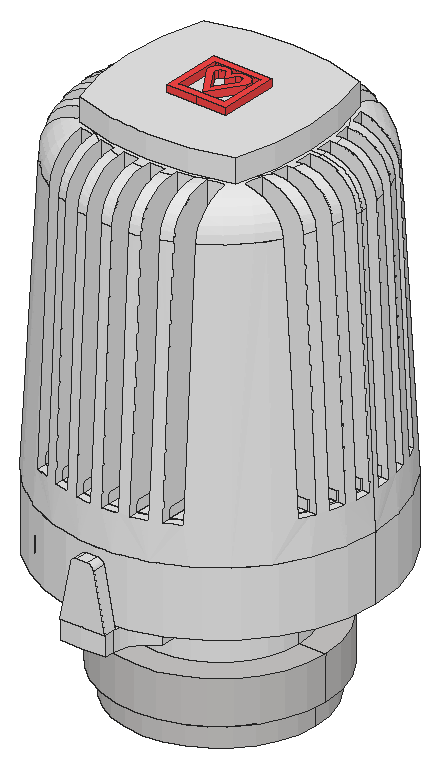
Revit family "HERZ-Classic-Thermostatic Sensor M28x1.5 7230", category Rohrzubehör, Revit 2019
Family settings
  Bemaßung runder Anschluss = Durchmesser verwenden
  Teiletyp = Normal
  OmniClass-Nummer = 23.65.55.14
  OmniClass-Titel = Valves for Liquid Services
  Arbeitsebenenbasiert = Nein
  Immer vertikal = Nein
  Beim Laden mit Abzugskörper schneiden = Nein
  Gemeinsam genutzt = Nein
Parameters
  Part number = 1723006  # constant formula
  Operation = "The HERZ-thermostat serves as probe and control element.\r\nThe valve spindle is moved when the volume of the liquid fillng of the HERZ-hydrosensor changes."
  Model = "Radiator Thermostat With Hydrosensor (liquid filled)\r\nWith \"0\" position, adjustable frost protection, limitation and locking of set value range.\r\nWhite hand wheel."
  Frost protection = "6°C"  # constant formula
  W02 = 120.00°  # constant formula
  W01 = 135.00°  # constant formula
  URL = "www.herzvalves.com"
  Set value range = "0 - 28°C"  # constant formula
  S02 = 60.000 mm  # constant formula
  S01 = H02 + H07  # 76.000 mm
  R07 = 6.000 mm  # constant formula
  R06 = 24.000 mm  # constant formula
  R05 = 16.350 mm  # constant formula
  R04 = 14.750 mm  # constant formula
  R03 = 13.200 mm  # constant formula
  R02 = 12.200 mm  # constant formula
  R01 = 22.400 mm  # constant formula
  Hersteller = "HERZ Armaturen Ges.m.b.H."  # constant formula
  Hand wheel = "plastic, white"  # constant formula
  H09 = 3.500 mm  # constant formula
  H08 = 10.000 mm  # constant formula
  H07 = 59.000 mm  # constant formula
  H06 = 3.000 mm  # constant formula
  H05 = 10.500 mm  # constant formula
  H03 = 5.500 mm  # constant formula
  H02 = 17.000 mm  # constant formula
  H01 = 34.000 mm  # constant formula
  Application = "Can be combined with any HERZ-valve suitable for thermostatic operation."
Reference planes
  plane 1 "Mitte (Vorne/hinten)": y = 0
  plane 2: z = 0
  plane 3 "Mitte (Links/rechts)": x = 0
Forms (mm)
  Revolve 1, solid, material "Kunststoff weiß", detail levels fine
    sketch origin (0, 0, 0) x (1, 0, 0) y (0, 0, 1)
      loop
        line (0, 0) -> (13.2, 0) -> (13.2, 4.5) -> (12.2, 5.5) -> (12.2, 17) -> (22.4, 17) -> (22.4, 34) -> (0, 34) -> (0, 0)
      axis (0, 34) -> (0, 0)
    angle from 0 to 360
  Revolve 2, solid, material "Messing verzinkt", detail levels fine
    sketch origin (0, 0, 0) x (1, 0, 0) y (0, 0, 1)
      loop
        line (0, 5.5) -> (13.2, 5.5) -> (13.2, -3.063) -> (14.75, -3.063) -> (14.75, -0.063) -> (16.35, 0.861) -> (16.35, 7.437) -> (0, 7.437) -> (0, 5.5)
      axis (0, 7.437) -> (0, -3.063)
    angle from 0 to 360
  Revolve 3, solid, material "Kunststoff weiß", detail levels fine
    sketch origin (0, 0, 0) x (1, 0, 0) y (0, 0, 1)
      loop
        line (0, 17) -> (24, 17) -> (24, 27) -> (21.791, 70.306)
        arc (21.791, 70.306) -> (19.931, 74.349) -> (15.798, 76) r 6
        line (15.798, 76) -> (0, 76) -> (0, 17)
      axis (0, 76) -> (0, 17)
    angle from 0 to 360
  Extrusion 4, void
    sketch origin (0, 0, 0) x (1, 0, 0) y (0, 1, 0)
      loop
        line (24.458, 0.8) -> (24.458, 3.2) -> (14.361, 3.2)
        arc (14.361, 3.2) -> (14.446, 2.001) -> (14.491, 0.8) r 37
        line (14.491, 0.8) -> (24.458, 0.8)
      loop
        line (24.458, 4.8) -> (24.458, 7.2) -> (13.793, 7.2)
        arc (13.793, 7.2) -> (14.01, 6.003) -> (14.187, 4.8) r 37
        line (14.187, 4.8) -> (24.458, 4.8)
      loop
        line (24.458, 8.8) -> (24.458, 11.2) -> (12.764, 11.2)
        arc (12.764, 11.2) -> (13.121, 10.006) -> (13.438, 8.8) r 37
        line (13.438, 8.8) -> (24.458, 8.8)
      loop
        line (24.458, -0.8) -> (14.491, -0.8)
        arc (14.491, -0.8) -> (14.446, -2.001) -> (14.361, -3.2) r 37
        line (14.361, -3.2) -> (24.458, -3.2) -> (24.458, -0.8)
      loop
        line (24.458, -4.8) -> (14.187, -4.8)
        arc (14.187, -4.8) -> (14.01, -6.003) -> (13.793, -7.2) r 37
        line (13.793, -7.2) -> (24.458, -7.2) -> (24.458, -4.8)
      loop
        line (24.458, -8.8) -> (13.438, -8.8)
        arc (13.438, -8.8) -> (13.121, -10.006) -> (12.764, -11.2) r 37
        line (12.764, -11.2) -> (24.458, -11.2) -> (24.458, -8.8)
      loop
        line (-24.458, 0.8) -> (-14.491, 0.8)
        arc (-14.491, 0.8) -> (-14.446, 2.001) -> (-14.361, 3.2) r 37
        line (-14.361, 3.2) -> (-24.458, 3.2) -> (-24.458, 0.8)
      loop
        line (-24.458, 4.8) -> (-14.187, 4.8)
        arc (-14.187, 4.8) -> (-14.01, 6.003) -> (-13.793, 7.2) r 37
        line (-13.793, 7.2) -> (-24.458, 7.2) -> (-24.458, 4.8)
      loop
        line (-24.458, 8.8) -> (-13.438, 8.8)
        arc (-13.438, 8.8) -> (-13.121, 10.006) -> (-12.764, 11.2) r 37
        line (-12.764, 11.2) -> (-24.458, 11.2) -> (-24.458, 8.8)
      loop
        line (-24.458, -0.8) -> (-24.458, -3.2) -> (-14.361, -3.2)
        arc (-14.361, -3.2) -> (-14.446, -2.001) -> (-14.491, -0.8) r 37
        line (-14.491, -0.8) -> (-24.458, -0.8)
      loop
        line (-24.458, -4.8) -> (-24.458, -7.2) -> (-13.793, -7.2)
        arc (-13.793, -7.2) -> (-14.01, -6.003) -> (-14.187, -4.8) r 37
        line (-14.187, -4.8) -> (-24.458, -4.8)
      loop
        line (-24.458, -8.8) -> (-24.458, -11.2) -> (-12.764, -11.2)
        arc (-12.764, -11.2) -> (-13.121, -10.006) -> (-13.438, -8.8) r 37
        line (-13.438, -8.8) -> (-24.458, -8.8)
      loop
        line (0.8, 24.458) -> (0.8, 14.491)
        arc (0.8, 14.491) -> (2.001, 14.446) -> (3.2, 14.361) r 37
        line (3.2, 14.361) -> (3.2, 24.458) -> (0.8, 24.458)
      loop
        line (4.8, 24.458) -> (4.8, 14.187)
        arc (4.8, 14.187) -> (6.003, 14.01) -> (7.2, 13.793) r 37
        line (7.2, 13.793) -> (7.2, 24.458) -> (4.8, 24.458)
      loop
        line (8.8, 24.458) -> (8.8, 13.438)
        arc (8.8, 13.438) -> (10.006, 13.121) -> (11.2, 12.764) r 37
        line (11.2, 12.764) -> (11.2, 24.458) -> (8.8, 24.458)
      loop
        line (-0.8, 24.458) -> (-3.2, 24.458) -> (-3.2, 14.361)
        arc (-3.2, 14.361) -> (-2.001, 14.446) -> (-0.8, 14.491) r 37
        line (-0.8, 14.491) -> (-0.8, 24.458)
      loop
        line (-4.8, 24.458) -> (-7.2, 24.458) -> (-7.2, 13.793)
        arc (-7.2, 13.793) -> (-6.003, 14.01) -> (-4.8, 14.187) r 37
        line (-4.8, 14.187) -> (-4.8, 24.458)
      loop
        line (-8.8, 24.458) -> (-11.2, 24.458) -> (-11.2, 12.764)
        arc (-11.2, 12.764) -> (-10.006, 13.121) -> (-8.8, 13.438) r 37
        line (-8.8, 13.438) -> (-8.8, 24.458)
      loop
        line (0.8, -24.458) -> (3.2, -24.458) -> (3.2, -14.361)
        arc (3.2, -14.361) -> (2.001, -14.446) -> (0.8, -14.491) r 37
        line (0.8, -14.491) -> (0.8, -24.458)
      loop
        line (4.8, -24.458) -> (7.2, -24.458) -> (7.2, -13.793)
        arc (7.2, -13.793) -> (6.003, -14.01) -> (4.8, -14.187) r 37
        line (4.8, -14.187) -> (4.8, -24.458)
      loop
        line (8.8, -24.458) -> (11.2, -24.458) -> (11.2, -12.764)
        arc (11.2, -12.764) -> (10.006, -13.121) -> (8.8, -13.438) r 37
        line (8.8, -13.438) -> (8.8, -24.458)
      loop
        line (-0.8, -24.458) -> (-0.8, -14.491)
        arc (-0.8, -14.491) -> (-2.001, -14.446) -> (-3.2, -14.361) r 37
        line (-3.2, -14.361) -> (-3.2, -24.458) -> (-0.8, -24.458)
      loop
        line (-4.8, -24.458) -> (-4.8, -14.187)
        arc (-4.8, -14.187) -> (-6.003, -14.01) -> (-7.2, -13.793) r 37
        line (-7.2, -13.793) -> (-7.2, -24.458) -> (-4.8, -24.458)
      loop
        line (-8.8, -24.458) -> (-8.8, -13.438)
        arc (-8.8, -13.438) -> (-10.006, -13.121) -> (-11.2, -12.764) r 37
        line (-11.2, -12.764) -> (-11.2, -24.458) -> (-8.8, -24.458)
    from 32.5 to 78
  Extrusion 5, solid, material "Kunststoff weiß", detail levels fine
    sketch origin (0, 0, 0) x (1, 0, 0) y (0, 1, 0)
      loop
        arc (12, 12) -> (0, 14) -> (-12, 12) r 37
        arc (-12, 12) -> (-14, 0) -> (-12, -12) r 37
        arc (-12, -12) -> (0, -14) -> (12, -12) r 37
        arc (12, -12) -> (14, 0) -> (12, 12) r 37
    from 76 to 79.5
  Extrusion 6, solid, material "Kunststoff weiß", detail levels fine
    sketch origin (0.017, -0.017, 0) x (0, -1, 0) y (1, 0, 0)
      loop
        line (14.714, 6.983) -> (14.714, -7.017) -> (19.645, -7.017)
        arc (19.645, -7.017) -> (21.761, -4.508) -> (24.882, -3.488) r 6
        line (24.882, -3.488) -> (26.272, -3.488)
        arc (26.272, -3.488) -> (26.5, 0) -> (26.267, 3.488) r 26.5
        line (26.267, 3.488) -> (24.882, 3.488)
        arc (24.882, 3.488) -> (21.777, 4.497) -> (19.66, 6.983) r 6
        line (19.66, 6.983) -> (14.714, 6.983)
    from 14 to 17
  Extrusion 7, solid, material "Kunststoff weiß", detail levels fine
    sketch origin (0.017, -0.017, 0) x (1, 0, 0) y (0, 0, 1)
      loop
        arc (-0.8, 26.1) -> (-1.432, 25.875) -> (-1.779, 25.302) r 1
        line (-1.779, 25.302) -> (-3.488, 17) -> (3.488, 17) -> (1.779, 25.302)
        arc (1.779, 25.302) -> (1.432, 25.875) -> (0.8, 26.1) r 1
        line (0.8, 26.1) -> (-0.8, 26.1)
    from 26.5 to 24.5
Cuts and joins
  Extrusion 4 cuts Revolve 1
  Extrusion 4 cuts Revolve 3
Lines and regions (mm)
  model lines, detail levels coarse+medium
    curve 1: line (0, 0, 0) -> (0, 0, 16)
    curve 2: line (0, 0, 0) -> (0, 16, 0)
    curve 3: circle (0, 0, 46) r 30 normal (0, -1, 0)
    curve 4: circle (0, 0, 46) r 30 normal (1, 0, 0)
    curve 5: line (0, 0, 26) -> (0, 0, 66)
    curve 6: line (0, 17.5, 66) -> (0, -17.5, 66)
    curve 7: line (0, 0, 26) -> (0, 0, 66)
    curve 8: line (-17.5, 0, 66) -> (17.5, 0, 66)
    curve 9: circle (0, 46, 0) r 30 normal (0, 0, 1)
    curve 10: line (0, 26, 0) -> (0, 66, 0)
    curve 11: line (-17.5, 66, 0) -> (17.5, 66, 0)
Dimensions and locks
  "H01": Revolve 1 sketch curve to Revolve 1 sketch curve
  "H02": Revolve 1 sketch curve to Revolve 1 sketch curve
  "H03": Revolve 1 sketch curve to Revolve 1 sketch curve
  "R01": Revolve 1 sketch curve to Revolve 1 sketch curve
  "R02": Revolve 1 sketch curve to Revolve 1 sketch curve
  "R03": Revolve 1 sketch curve to Revolve 1 sketch curve
  "H05": Revolve 2 sketch curve to Revolve 2 sketch curve
  "H06": Revolve 2 sketch curve to Revolve 2 sketch curve
  "H03": Revolve 2 sketch curve to plane 2
  "R04": Revolve 2 sketch curve to plane 3 "Mitte (Links/rechts)"
  "R03": plane 3 "Mitte (Links/rechts)" to Revolve 2 sketch curve
  "R05": Revolve 2 sketch curve to plane 3 "Mitte (Links/rechts)"
  "H08": Revolve 3 sketch curve to Revolve 3 sketch curve
  "R06": Revolve 3 sketch curve to Revolve 3 sketch curve
  "H02": Revolve 3 sketch curve to plane 2
  "H07": Revolve 3 sketch curve to Revolve 3 sketch curve
  "S01": curve 4 to plane 2
  "S01": curve 3 to plane 2
  "S01": plane 1 "Mitte (Vorne/hinten)" to curve 9
  "R07": radius of Revolve 3 sketch curve
  "S02": diameter of curve 3
  "S02": diameter of curve 4
  "S02": diameter of curve 9
  "W01": angle Revolve 1 sketch curve to Revolve 1 sketch curve
  "W02": angle Revolve 2 sketch curve to Revolve 2 sketch curve
  aligned and locked: level to plane 2
Automatic sketch dimensions
  plane 1 "Mitte (Vorne/hinten)" to Extrusion 5 sketch curve = 0.000 mm  (x2)
  Extrusion 5 sketch curve to plane 3 "Mitte (Links/rechts)" = 0.000 mm  (x2)
  Extrusion 5 sketch curve to plane 3 "Mitte (Links/rechts)" = 23.000 mm
  plane 3 "Mitte (Links/rechts)" to Extrusion 5 sketch curve = 23.000 mm
  plane 1 "Mitte (Vorne/hinten)" to Extrusion 5 sketch curve = 23.000 mm
  Extrusion 5 sketch curve to plane 1 "Mitte (Vorne/hinten)" = 23.000 mm
  Extrusion 5 sketch curve to plane 3 "Mitte (Links/rechts)" = 12.000 mm  (x2)
  plane 3 "Mitte (Links/rechts)" to Extrusion 5 sketch curve = 12.000 mm
  plane 1 "Mitte (Vorne/hinten)" to Extrusion 5 sketch curve = 12.000 mm
  Extrusion 4 sketch curve to Extrusion 4 sketch curve = 0.000 mm  (x58)
  plane 1 "Mitte (Vorne/hinten)" to Extrusion 4 sketch curve = 0.000 mm  (x2)
  Extrusion 4 sketch curve to plane 3 "Mitte (Links/rechts)" = 0.000 mm  (x2)
  Extrusion 4 sketch curve to plane 3 "Mitte (Links/rechts)" = 0.800 mm  (x2)
  Extrusion 4 sketch curve to Extrusion 4 sketch curve = 2.400 mm  (x12)
  Extrusion 4 sketch curve to Extrusion 4 sketch curve = 1.600 mm  (x16)
  Extrusion 4 sketch curve to Extrusion 4 sketch curve = 1.564 mm  (x8)
  Extrusion 4 sketch curve to Extrusion 4 sketch curve = 0.674 mm  (x5)
  Extrusion 4 sketch curve to Extrusion 4 sketch curve = 0.354 mm  (x8)
  Extrusion 4 sketch curve to Extrusion 4 sketch curve = 0.395 mm  (x4)
  Extrusion 4 sketch curve to Extrusion 4 sketch curve = 0.174 mm  (x8)
  plane 1 "Mitte (Vorne/hinten)" to Extrusion 4 sketch curve = 0.800 mm  (x2)
  Extrusion 4 sketch curve to Extrusion 4 sketch curve = 0.130 mm  (x2)
  Extrusion 4 sketch curve to plane 1 "Mitte (Vorne/hinten)" = 0.800 mm  (x2)
  Extrusion 4 sketch curve to Extrusion 4 sketch curve = 8.009 mm  (x3)
  Extrusion 4 sketch curve to Extrusion 4 sketch curve = 1.958 mm  (x7)
  plane 3 "Mitte (Links/rechts)" to Extrusion 4 sketch curve = 0.800 mm  (x2)
  Extrusion 4 sketch curve to Extrusion 4 sketch curve = 11.019 mm
  Extrusion 6 sketch curve to plane 3 "Mitte (Links/rechts)" = 0.000 mm
  plane 1 "Mitte (Vorne/hinten)" to Extrusion 6 sketch curve = 0.017 mm
  Extrusion 6 sketch curve to plane 3 "Mitte (Links/rechts)" = 7.000 mm
  plane 1 "Mitte (Vorne/hinten)" to Extrusion 6 sketch curve = 14.731 mm
  Extrusion 6 sketch curve to Extrusion 6 sketch curve = 4.930 mm
  Extrusion 6 sketch curve to Extrusion 6 sketch curve = 4.946 mm
  Extrusion 6 sketch curve to plane 3 "Mitte (Links/rechts)" = 3.471 mm
  Extrusion 6 sketch curve to Extrusion 6 sketch curve = 5.237 mm
  Extrusion 6 sketch curve to Extrusion 6 sketch curve = 5.222 mm
  Extrusion 6 sketch curve to Extrusion 6 sketch curve = 5.470 mm
  Extrusion 6 sketch curve to Extrusion 6 sketch curve = 0.233 mm
  Extrusion 6 sketch curve to Extrusion 6 sketch curve = 1.390 mm
  plane 3 "Mitte (Links/rechts)" to Extrusion 6 sketch curve = 3.505 mm
  Extrusion 6 sketch curve to Extrusion 6 sketch curve = 3.495 mm
  Extrusion 6 sketch curve to Extrusion 6 sketch curve = 0.000 mm
  Extrusion 7 sketch curve to plane 3 "Mitte (Links/rechts)" = 3.471 mm
  Extrusion 7 sketch curve to plane 3 "Mitte (Links/rechts)" = 1.763 mm
  Extrusion 7 sketch curve to plane 3 "Mitte (Links/rechts)" = 0.783 mm
  plane 3 "Mitte (Links/rechts)" to Extrusion 7 sketch curve = 0.817 mm
  Extrusion 7 sketch curve to Extrusion 7 sketch curve = 0.979 mm
  plane 3 "Mitte (Links/rechts)" to Extrusion 7 sketch curve = 3.505 mm
  level to Extrusion 7 sketch curve = 17.000 mm
  Extrusion 7 sketch curve to Extrusion 7 sketch curve = 8.100 mm
  Extrusion 7 sketch curve to Extrusion 7 sketch curve = 0.000 mm
  Extrusion 7 sketch curve to Extrusion 7 sketch curve = 0.202 mm
  curve 5 to plane 1 "Mitte (Vorne/hinten)" = 0.000 mm
  curve 4 to plane 1 "Mitte (Vorne/hinten)" = 0.000 mm
  plane 1 "Mitte (Vorne/hinten)" to curve 6 = 17.500 mm
  curve 5 to curve 6 = 17.500 mm
  curve 5 to curve 4 = 20.000 mm
  curve 4 to curve 6 = 20.000 mm
  curve 3 to plane 3 "Mitte (Links/rechts)" = 0.000 mm
  curve 7 to plane 3 "Mitte (Links/rechts)" = 0.000 mm
  curve 1 to plane 3 "Mitte (Links/rechts)" = 0.000 mm
  curve 1 to level = 0.000 mm
  curve 8 to plane 3 "Mitte (Links/rechts)" = 17.500 mm
  curve 7 to curve 8 = 17.500 mm
  curve 1 to curve 7 = 10.000 mm
  curve 3 to curve 8 = 20.000 mm
  curve 9 to plane 3 "Mitte (Links/rechts)" = 0.000 mm
  curve 10 to plane 3 "Mitte (Links/rechts)" = 0.000 mm
  curve 2 to plane 3 "Mitte (Links/rechts)" = 0.000 mm
  plane 1 "Mitte (Vorne/hinten)" to curve 2 = 0.000 mm
  curve 11 to curve 10 = 17.500 mm
  plane 3 "Mitte (Links/rechts)" to curve 11 = 17.500 mm
  curve 2 to curve 10 = 10.000 mm
  curve 9 to curve 11 = 20.000 mm
  Revolve 1 sketch curve to level = 0.000 mm
  Revolve 1 sketch curve to plane 3 "Mitte (Links/rechts)" = 0.000 mm  (x2)
  Revolve 1 sketch curve to level = 366.045 mm
  Revolve 1 sketch curve to Revolve 1 sketch curve = 2180.315 mm
  Revolve 2 sketch curve to plane 3 "Mitte (Links/rechts)" = 0.000 mm  (x2)
  level to Revolve 2 sketch curve = 0.861 mm
  Revolve 2 sketch curve to Revolve 2 sketch curve = 362.982 mm
  Revolve 2 sketch curve to Revolve 2 sketch curve = 2206.878 mm
  Revolve 3 sketch curve to plane 3 "Mitte (Links/rechts)" = 0.000 mm  (x2)
  plane 3 "Mitte (Links/rechts)" to Revolve 3 sketch curve = 15.798 mm
  Revolve 3 sketch curve to Revolve 3 sketch curve = 5.992 mm
  Revolve 3 sketch curve to level = 366.045 mm
  Revolve 3 sketch curve to Revolve 3 sketch curve = 2138.315 mm
Nested families
  nested 1: "Herz-Logo" at (0, 0, 79), type "Herz-Logo", detail levels fine
Definition of nested family "Herz-Logo"
  Reference planes
    plane 1 "Mitte (Vorne/hinten)": y = 0
    plane 2: z = 0
    plane 3 "Mitte (Links/rechts)": x = 0
  Forms (mm)
    Extrusion 1, solid
      sketch origin (0, 0, 0) x (1, 0, 0) y (0, 1, 0)
        loop
          line (-0.018, -4.517) -> (4.482, -4.517) -> (4.482, 4.483) -> (-4.518, 4.483) -> (-4.518, -4.517) -> (-0.018, -4.517)
        loop
          line (-0.05, -3.48) -> (3.482, -3.48) -> (3.482, 3.483) -> (-3.518, 3.483) -> (-3.518, -3.48) -> (-0.05, -3.48)
        loop
          arc (-0.018, 2.383) -> (-1.543, 3.287) -> (-3.067, 2.383) r 1.738
          arc (-3.067, 2.383) -> (-3.191, 1.899) -> (-3.067, 1.415) r 1.009
          line (-3.067, 1.415) -> (-0.018, -3.281) -> (3.032, 1.415)
          arc (3.032, 1.415) -> (3.156, 1.899) -> (3.032, 2.383) r 1.009
          arc (3.032, 2.383) -> (1.507, 3.287) -> (-0.018, 2.383) r 1.738
        loop
          arc (1.885, 1.272) -> (2.005, 1.675) -> (1.885, 2.079) r 0.74
          arc (1.885, 2.079) -> (1.265, 2.416) -> (0.644, 2.079) r 0.74
          line (0.644, 2.079) -> (-0.018, 0.97) -> (-0.679, 2.079)
          arc (-0.679, 2.079) -> (-1.3, 2.416) -> (-1.921, 2.079) r 0.74
          arc (-1.921, 2.079) -> (-2.04, 1.675) -> (-1.921, 1.272) r 0.74
          line (-1.921, 1.272) -> (-0.018, -1.658) -> (1.885, 1.272)
      from 0 to 1.5
  Dimensions and locks
    aligned and locked: level to plane 2
